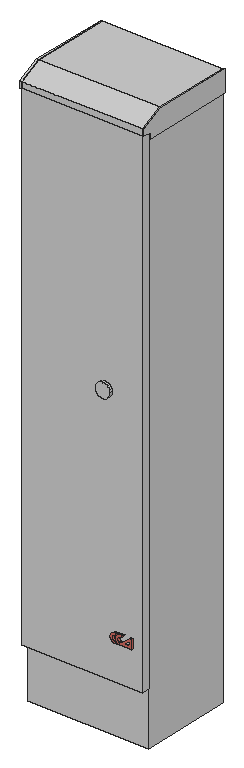
Revit family "Шкаф распределительный ШР-200-2М ССД", category Обобщенные модели, Revit 2019
Family settings
  Может служить основой для арматурных стержней = Нет
  Размер круглого соединителя = Использовать диаметр
  Тип детали = Нормальный
  На основе рабочей плоскости = Нет
  Всегда вертикально = Да
  При загрузке вырезать с полостями = Нет
  Общий = Нет
  Точка расчета площади = Нет
Parameters (values of type "ШР-200-2М")
  Толщина 5 = 5 mm  # constant formula
  Толщина 4 = 4 mm  # constant formula
  Толщина 25 = 25 mm  # constant formula
  Толщина -4 = -4 mm  # constant formula
  Смещение от уровня [instance] = 500 mm
  Описание = "Шкаф распределительный  ШР-200-2М ССД"
  Ноль = 0 mm  # constant formula
  Материал букв = Металл красный
  Материал Каркаса = Металл серый
  ADSK_Этаж [instance] = ""
  ADSK_Размер_Ширина = 340 mm
  ADSK_Размер_Глубина = 260 mm
  ADSK_Размер_Высота = 1592 mm
  ADSK_Примечание [instance] = ""
  ADSK_Предел огнестойкости = ""
  ADSK_Позиция [instance] = ""
  ADSK_Обозначение = ""
  ADSK_Наименование краткое = "ШР-200-2М"
  ADSK_Наименование = "Шкаф распределительный  ШР-200-2М ССД"
  ADSK_Масса_Текст = "50"
  ADSK_Марка [instance] = ""
  ADSK_Количество [instance] = 1  # constant formula
  ADSK_Код изделия = "120908-00183"
  ADSK_Зона = ""
  ADSK_Завод-изготовитель = "АО СВЯЗЬСТРОЙДЕТАЛЬ"  # constant formula
  ADSK_Единица измерения = "шт"  # constant formula
  ADSK_URL страницы изделия = "Шкаф распределительный ШР-200-2М ССД ( 120908-00183 ) (ssd.ru)"
  ADSK_URL документации изделия = "shr_decl_2017.pdf (ssd.ru)"
Reference planes
  plane 1 "тттт": y = 0
  plane 2: z = 0
  plane 3 "УУУУ": x = 0
  plane 4 "УК": y = -92
  plane 5: y = 70
  plane 6 "Е!": z = 500
  plane 7: z = 2092
  plane 8: z = 650
  plane 9: z = 2047
  plane 10: z = 2032
  plane 11 "Е-1": x = -170
  plane 12 "Е-2": x = 170
  plane 13 "П-2": y = 130
  plane 14 "П-1": y = -130
  plane 15: z = 2064
  plane 16: x = -143
  plane 17: x = 143
  plane 18: z = 750
  plane 19: z = 1999
  plane 20: x = 64.591
  plane 21: z = 1374.5
  plane 22: y = -152
Forms (mm)
  Extrusion 1, void, not visible, detail levels fine
    sketch origin (-20, 0, 0) x (1, 0, 0) y (0, 0, 1)
      loop
        arc (-281.999, 290) -> (-261.999, 270) -> (-241.999, 290) r 20
        line (-241.999, 290) -> (-241.999, 370)
        arc (-241.999, 370) -> (-261.999, 390) -> (-281.999, 370) r 20
        line (-281.999, 370) -> (-281.999, 290)
    from 90 to 190
  Extrusion 2, void, not visible
    sketch origin (-20, 0, 225) x (1, 0, 0) y (0, 0, 1)
      loop
        circle (-261.999, 215) r 6.5
    from 90 to 190
  Extrusion 3, void, not visible, detail levels fine
    sketch origin (20, 0, 0) x (-1, 0, 0) y (0, 0, -1)
      loop
        line (-281.999, -290) -> (-281.999, -370)
        arc (-281.999, -370) -> (-261.999, -390) -> (-241.999, -370) r 20
        line (-241.999, -370) -> (-241.999, -290)
        arc (-241.999, -290) -> (-261.999, -270) -> (-281.999, -290) r 20
    from 90 to 190
  Extrusion 4, void, not visible
    sketch origin (20, 0, 225) x (-1, 0, 0) y (0, 0, -1)
      loop
        circle (-261.999, -215) r 6.5
    from 90 to 190
  Extrusion 5, void, not visible
    sketch origin (0, 0, 220) x (0, 1, 0) y (0, 0, 1)
      loop
        circle (-102, 220) r 3.036
      loop
        circle (-172.959, 220) r 3.036
      loop
        circle (-122, 237) r 3.036
      loop
        circle (-157.959, 237) r 3.036
      loop
        circle (-121.964, 203) r 3.036
      loop
        circle (-158.036, 203) r 3.036
      loop
        arc (-162.48, 75) -> (-137.48, 50) -> (-112.48, 75) r 25
        line (-112.48, 75) -> (-112.48, 145)
        arc (-112.48, 145) -> (-137.48, 170) -> (-162.48, 145) r 25
        line (-162.48, 145) -> (-162.48, 75)
    from -312 to 312
  Extrusion 6, solid, material "Металл серый" <- "Материал Каркаса", detail levels medium+fine
    sketch origin (0, -130, 0) x (-1, 0, 0) y (0, 0, 1)
      loop
        line (-170, 2047) -> (-170, 500) -> (170, 500) -> (170, 2047) -> (-170, 2047)
      loop
        line (143, 2032) -> (-143, 2032) -> (-143, 650) -> (143, 650) -> (143, 2032)
    from 4 <- "Толщина 4" to 0
  Extrusion 7, solid, material "Металл серый" <- "Материал Каркаса", detail levels medium+fine
    sketch origin (0, 130, 0) x (-1, 0, 0) y (0, 0, 1)
      loop
        line (170, 2047) -> (-170, 2047) -> (-170, 500) -> (170, 500) -> (170, 2047)
    from 0 to -4 <- "Толщина -4"
  Extrusion 8, solid, material "Металл серый" <- "Материал Каркаса", detail levels medium+fine
    sketch origin (-170, 0, 0) x (0, 1, 0) y (0, 0, 1)
      loop
        line (130, 2047) -> (-130, 2047) -> (-130, 500) -> (130, 500) -> (130, 2047)
    from 0 to 4 <- "Толщина 4"
  Extrusion 9, solid, material "Металл серый" <- "Материал Каркаса", detail levels medium+fine
    sketch origin (170, 0, 0) x (0, 1, 0) y (0, 0, 1)
      loop
        line (130, 2047) -> (-130, 2047) -> (-130, 500) -> (130, 500) -> (130, 2047)
    from -4 <- "Толщина -4" to 0
  Extrusion 10, solid, material "Металл серый" <- "Материал Каркаса", detail levels medium+fine
    sketch origin (0, -130, 0) x (-1, 0, 0) y (0, 0, 1)
      loop
        circle (-64.591, 1374.5) r 20
    from -30 to 0
  Extrusion 11, solid, material "Металл серый" <- "Материал Каркаса", detail levels medium+fine
    sketch origin (0, 0, 500) x (-1, 0, 0) y (0, -1, 0)
      loop
        line (170, -130) -> (170, 130) -> (-170, 130) -> (-170, -130) -> (170, -130)
    from 0 to 4
  Extrusion 12, solid, material "Металл серый" <- "Материал Каркаса", detail levels medium+fine
    sketch origin (-170, 0, 0) x (0, 1, 0) y (0, 0, 1)
      loop
        line (130, 2092) -> (-92, 2092) -> (-152, 2064) -> (-152, 2047) -> (-130, 2047) -> (-130, 2032) -> (130, 2032) -> (130, 2092)
    from -4 <- "Толщина -4" to 0
  Extrusion 13, solid, material "Металл серый" <- "Материал Каркаса", detail levels medium+fine
    sketch origin (170, 0, 0) x (0, 1, 0) y (0, 0, 1)
      loop
        line (130, 2032) -> (130, 2092) -> (-92, 2092) -> (-152, 2064) -> (-152, 2047) -> (-130, 2047) -> (-130, 2032) -> (130, 2032)
    from 0 to 4 <- "Толщина 4"
  Extrusion 14, solid, material "Металл серый" <- "Материал Каркаса", detail levels medium+fine
    sketch origin (-170, 0, 0) x (0, 1, 0) y (0, 0, 1)
      loop
        line (-152, 2064) -> (-152, 2047) -> (-130, 2047) -> (-130, 2052) -> (-147, 2052) -> (-147, 2060.816) -> (-90.891, 2087) -> (125, 2087) -> (125, 2047) -> (130, 2047) -> (130, 2092) -> (-92, 2092) -> (-152, 2064)
    from 0 to 340
  Extrusion 15, solid, material "Металл серый" <- "Материал Каркаса", detail levels medium+fine
    sketch origin (0, -130, 0) x (-1, 0, 0) y (0, 0, 1)
      loop
        line (170, 650) -> (170, 2047) -> (-170, 2047) -> (-170, 650) -> (170, 650)
    from -22 to 0
  Extrusion 16, solid, material "Металл серый" <- "Материал Каркаса", detail levels coarse
    sketch origin (0, 0, 0) x (1, 0, 0) y (0, 1, 0)
      loop
        line (-170, 130) -> (-170, -130) -> (170, -130) -> (170, 130) -> (-170, 130)
    from 500 to 2092
Cuts and joins
  joined: Extrusion 6, Extrusion 7, Extrusion 8, Extrusion 9, Extrusion 11
  joined: Extrusion 10, Extrusion 15
Dimensions and locks
  "Смещение от уровня": plane 6 "Е!" to level
  locked: plane 8 to plane 6 "Е!" at 150
  locked: plane 7 to plane 9 at 45
  locked: plane 9 to plane 10 at 15
  "ADSK_Размер_Высота": plane 7 to plane 6 "Е!"
  equal spacing: plane 13 "П-2", plane 1 "тттт", plane 14 "П-1"
  equal spacing: plane 11 "Е-1", plane 3 "УУУУ", plane 12 "Е-2"
  "ADSK_Размер_Глубина": plane 13 "П-2" to plane 14 "П-1"
  "ADSK_Размер_Ширина": plane 11 "Е-1" to plane 12 "Е-2"
  locked: plane 13 "П-2" to plane 5 at 60
  locked: plane 15 to plane 9 at 17
  locked: plane 16 to plane 11 "Е-1" at 27
  locked: plane 12 "Е-2" to plane 17 at 27
  locked: plane 18 to plane 8 at 100
  locked: plane 10 to plane 19 at 33
  plane 17 to plane 20 = 78.409 mm
  equal spacing: plane 19, plane 21, plane 18
  locked: plane 14 "П-1" to plane 22 at 22
  locked: plane 4 "УК" to plane 22 at 60
  "Толщина 5": Extrusion 14 sketch curve to Extrusion 13
  "Толщина 5": Extrusion 13 to Extrusion 14 sketch curve  (x4)
  cut or joined group of Extrusion 10, Extrusion 15 to nested 2 = 170 mm
  aligned and locked: level to plane 2
  aligned and locked: plane 9 to Extrusion 6 sketch curve
  aligned and locked: Extrusion 6 sketch curve to plane 6 "Е!"
  aligned and locked: Extrusion 6 sketch curve to plane 11 "Е-1"
  aligned and locked: plane 12 "Е-2" to Extrusion 6 sketch curve
  aligned and locked: Extrusion 6 sketch curve to plane 8
  aligned and locked: plane 17 to Extrusion 6 sketch curve
  aligned and locked: Extrusion 6 sketch curve to plane 16
  aligned and locked: Extrusion 6 sketch curve to plane 10
  aligned and locked: Extrusion 6 to plane 14 "П-1"
  aligned and locked: plane 6 "Е!" to Extrusion 7 sketch curve
  aligned and locked: plane 11 "Е-1" to Extrusion 7 sketch curve
  aligned and locked: Extrusion 7 sketch curve to plane 12 "Е-2"
  aligned and locked: Extrusion 7 sketch curve to plane 9
  aligned and locked: plane 13 "П-2" to Extrusion 7
  aligned and locked: Extrusion 8 sketch curve to Extrusion 7  (x2)
  aligned and locked: Extrusion 8 sketch curve to Extrusion 6  (x2)
  aligned and locked: Extrusion 8 to plane 11 "Е-1"
  aligned and locked: Extrusion 9 sketch curve to cut or joined group of Extrusion 6, Extrusion 7, Extrusion 8, Extrusion 9, Extrusion 11  (x2)
  aligned and locked: cut or joined group of Extrusion 6, Extrusion 7, Extrusion 8, Extrusion 9, Extrusion 11 to Extrusion 9 sketch curve
  aligned and locked: Extrusion 9 sketch curve to plane 9
  aligned and locked: plane 12 "Е-2" to Extrusion 9
  aligned and locked: plane 14 "П-1" to Extrusion 10
  aligned and locked: Extrusion 11 sketch curve to cut or joined group of Extrusion 6, Extrusion 7, Extrusion 8, Extrusion 9, Extrusion 11  (x4)
  aligned and locked: Extrusion 12 sketch curve to plane 10
  aligned and locked: plane 13 "П-2" to Extrusion 12 sketch curve
  aligned and locked: Extrusion 12 sketch curve to plane 7
  aligned and locked: plane 4 "УК" to Extrusion 12 sketch curve
  aligned and locked: Extrusion 12 sketch curve to plane 22
  aligned and locked: Extrusion 12 sketch curve to plane 9
  aligned and locked: Extrusion 12 sketch curve to plane 14 "П-1"
  aligned and locked: plane 11 "Е-1" to Extrusion 12
  aligned and locked: Extrusion 13 sketch curve to plane 22
  aligned and locked: Extrusion 13 sketch curve to plane 7
  aligned and locked: plane 13 "П-2" to Extrusion 13 sketch curve
  aligned and locked: plane 10 to Extrusion 13 sketch curve
  aligned and locked: plane 15 to Extrusion 13 sketch curve
  aligned and locked: plane 4 "УК" to Extrusion 13 sketch curve
  aligned and locked: plane 22 to Extrusion 14 sketch curve
  aligned and locked: Extrusion 14 sketch curve to plane 9
  aligned and locked: plane 7 to Extrusion 14 sketch curve
  aligned and locked: plane 13 "П-2" to Extrusion 14 sketch curve
  aligned and locked: Extrusion 14 to plane 11 "Е-1"
  aligned and locked: plane 12 "Е-2" to Extrusion 14
  aligned and locked: plane 8 to Extrusion 15 sketch curve
  aligned and locked: plane 11 "Е-1" to Extrusion 15 sketch curve
  aligned and locked: Extrusion 15 sketch curve to cut or joined group of Extrusion 6, Extrusion 7, Extrusion 8, Extrusion 9, Extrusion 11  (x2)
  aligned and locked: plane 14 "П-1" to Extrusion 15
  aligned and locked: plane 18 to nested 1
  aligned and locked: nested 1 to plane 17
  aligned and locked: plane 22 to nested 1
  aligned and locked: Extrusion 16 sketch curve to cut or joined group of Extrusion 6, Extrusion 7, Extrusion 8, Extrusion 9, Extrusion 11  (x4)
  aligned and locked: plane 7 to Extrusion 16
  aligned and locked: Extrusion 16 to plane 6 "Е!"
  aligned and locked: nested 2 to plane 6 "Е!"
  aligned and locked: plane 7 to nested 2
  aligned and locked: plane 11 "Е-1" to nested 2
  aligned and locked: plane 12 "Е-2" to nested 2
Automatic sketch dimensions
  Extrusion 10 sketch curve to plane 20 = 0 mm
  Extrusion 10 sketch curve to plane 21 = 0 mm
  Extrusion 12 sketch curve to plane 15 = 0 mm
  Extrusion 13 sketch curve to plane 9 = 0 mm
  Extrusion 13 sketch curve to plane 14 "П-1" = 0 mm
  Extrusion 14 sketch curve to plane 14 "П-1" = 0 mm
  Extrusion 14 sketch curve to plane 4 "УК" = 0 mm
  Extrusion 14 sketch curve to plane 9 = 0 mm
  Extrusion 14 sketch curve to plane 15 = 0 mm
  radius of Extrusion 10 sketch curve = 20 mm
Nested families
  nested 1: "ССД" at (113.016, -152, 750), Материал <- "Материал букв", type "ССД", detail levels fine
    with Материал Металл красный
  nested 2: "ЭУ_Шкаф распределительный" at (0, 0, 500) x (1, 0, 0) z (0, -1, 0), ADSK_Размер_Высота <- "ADSK_Размер_Высота", ADSK_Размер_Ширина <- "ADSK_Размер_Ширина", type "ЭУ_Шкаф распределительный", detail levels coarse
    with ADSK_Размер_Ширина 340 mm, ADSK_Размер_Высота 1592 mm
Definition of nested family "ССД"
  Parameters (values of type "ССД")
    Материал [instance] = none
  Reference planes
    plane 1 "По центру (Вперед/Назад)": y = 0
    plane 2: z = 0
    plane 3 "По центру (Влево/Вправо)": x = 0
    plane 4: y = -5
    plane 5: z = 26
    plane 6: x = -29.984
    plane 7: x = 29.984
  Forms (mm)
    Extrusion 1, solid, material <- "Материал"
      sketch origin (-4.748, 0, -135.953) x (1, 0, 0) y (0, 0, 1)
        loop
          arc (-12.562, 161.735) -> (-25.455, 148.886) -> (-12.605, 135.993) r 12.871
          line (-12.605, 135.993) -> (-5.127, 135.993)
          arc (-5.127, 135.993) -> (-8.341, 138.928) -> (-10.997, 142.376) r 24.946
          line (-10.997, 142.376) -> (-12.584, 142.376)
          arc (-12.584, 142.376) -> (-19.072, 148.864) -> (-12.584, 155.352) r 6.488
          line (-12.584, 155.352) -> (-10.972, 155.352)
          arc (-10.972, 155.352) -> (-8.292, 158.804) -> (-5.051, 161.735) r 24.946
          line (-5.051, 161.735) -> (-12.562, 161.735)
        loop
          arc (3.387, 161.709) -> (-9.505, 148.859) -> (3.344, 135.967) r 12.871
          line (3.344, 135.967) -> (34.291, 135.915) -> (34.334, 161.666) -> (28.9, 161.666) -> (8.095, 144.25) -> (16.764, 144.25) -> (28.888, 154.399) -> (28.868, 142.307) -> (3.34, 142.35)
          arc (3.34, 142.35) -> (-3.122, 148.856) -> (3.377, 155.326) r 6.488
          line (3.377, 155.326) -> (4.978, 155.326)
          arc (4.978, 155.326) -> (7.657, 158.777) -> (10.898, 161.709) r 24.946
          line (10.898, 161.709) -> (3.387, 161.709)
      from 0 to 5
  Lines and regions (mm)
    symbolic lines
      curve 1: line (-29.984, 0, 0) -> (29.984, 0, 0)
      curve 2: line (-29.984, 0, 26) -> (29.984, 0, 26)
      curve 3: line (-29.984, 0, 0) -> (-29.984, 0, 26)
      curve 4: line (29.984, 0, 0) -> (-29.984, 0, 0)
      curve 5: line (29.984, 0, 26) -> (29.984, 0, 0)
  Dimensions and locks
    locked: plane 1 "По центру (Вперед/Назад)" to plane 4 at 5
    locked: plane 5 to plane 2 at 26
    equal spacing: plane 7, plane 3 "По центру (Влево/Вправо)", plane 6
    locked: plane 7 to plane 6 at 59.968
    aligned and locked: level to plane 2
    aligned and locked: plane 1 "По центру (Вперед/Назад)" to curve 1
    aligned and locked: Extrusion 1 to plane 4
    aligned and locked: Extrusion 1 to plane 1 "По центру (Вперед/Назад)"
    aligned and locked: curve 2 to plane 5
    aligned and locked: plane 6 to curve 3
    aligned and locked: plane 2 to curve 4
    aligned and locked: curve 5 to plane 7
  Automatic sketch dimensions
    curve 1 to plane 6 = 0 mm
    curve 1 to plane 7 = 0 mm
    Extrusion 1 sketch curve to Extrusion 1 sketch curve = 0 mm  (x6)
    Extrusion 1 sketch curve to plane 3 "По центру (Влево/Вправо)" = 17.331 mm
    Extrusion 1 sketch curve to Extrusion 1 sketch curve = 0.022 mm
    Extrusion 1 sketch curve to Extrusion 1 sketch curve = 1.587 mm
    Extrusion 1 sketch curve to Extrusion 1 sketch curve = 1.612 mm
    Extrusion 1 sketch curve to plane 3 "По центру (Влево/Вправо)" = 9.875 mm
    Extrusion 1 sketch curve to plane 3 "По центру (Влево/Вправо)" = 1.407 mm
    Extrusion 1 sketch curve to plane 3 "По центру (Влево/Вправо)" = 1.382 mm
    Extrusion 1 sketch curve to plane 3 "По центру (Влево/Вправо)" = 1.371 mm
    Extrusion 1 sketch curve to plane 3 "По центру (Влево/Вправо)" = 1.36 mm
    Extrusion 1 sketch curve to Extrusion 1 sketch curve = 1.601 mm
    Extrusion 1 sketch curve to Extrusion 1 sketch curve = 4.755 mm
    Extrusion 1 sketch curve to Extrusion 1 sketch curve = 1.902 mm
    Extrusion 1 sketch curve to Extrusion 1 sketch curve = 5.043 mm
    Extrusion 1 sketch curve to Extrusion 1 sketch curve = 0.878 mm
    Extrusion 1 sketch curve to Extrusion 1 sketch curve = 6.767 mm
    Extrusion 1 sketch curve to plane 7 = 8.785 mm
    Extrusion 1 sketch curve to plane 7 = 5.864 mm
    Extrusion 1 sketch curve to plane 7 = 5.844 mm
    Extrusion 1 sketch curve to plane 7 = 5.831 mm
    Extrusion 1 sketch curve to plane 7 = 0.44 mm
    Extrusion 1 sketch curve to plane 7 = 0.397 mm
    Extrusion 1 sketch curve to plane 5 = 26.038 mm
    Extrusion 1 sketch curve to Extrusion 1 sketch curve = 0.079 mm
    Extrusion 1 sketch curve to Extrusion 1 sketch curve = 5.898 mm
    Extrusion 1 sketch curve to Extrusion 1 sketch curve = 0.027 mm
    Extrusion 1 sketch curve to Extrusion 1 sketch curve = 0.494 mm
    Extrusion 1 sketch curve to Extrusion 1 sketch curve = 0.51 mm
    Extrusion 1 sketch curve to Extrusion 1 sketch curve = 6.383 mm
    Extrusion 1 sketch curve to Extrusion 1 sketch curve = 2.411 mm
    Extrusion 1 sketch curve to Extrusion 1 sketch curve = 6.488 mm  (x2)
    Extrusion 1 sketch curve to Extrusion 1 sketch curve = 12.092 mm
    Extrusion 1 sketch curve to Extrusion 1 sketch curve = 7.267 mm
    Extrusion 1 sketch curve to plane 3 "По центру (Влево/Вправо)" = 9.798 mm
    Extrusion 1 sketch curve to plane 3 "По центру (Влево/Вправо)" = 1.404 mm
Definition of nested family "ЭУ_Шкаф распределительный"
  Parameters (values of type "ЭУ_Шкаф распределительный")
    ADSK_Размер_Ширина [instance] = 640 mm
    ADSK_Размер_Высота [instance] = 1180 mm
  Reference planes
    plane 1 "По центру (Вперед/Назад)": y = 0
    plane 2: z = 0
    plane 3 "По центру (Влево/Вправо)": x = 0
    plane 4: x = -320
    plane 5: x = 320
    plane 6: y = 1180
    plane 7: y = 1087
    plane 8: x = -293
    plane 9: x = 293
    plane 10 "По центру (В/С": y = 250
    plane 11: x = 200
    plane 12: y = 668.5
  Lines and regions (mm)
    detail lines, in view "Опорный уровень"
      curve 1: line (-320, 1180, 0) -> (320, 1180, 0)
      curve 2: line (-320, 0, 0) -> (-320, 1180, 0)
      curve 3: line (320, 0, 0) -> (-320, 0, 0)
      curve 4: line (320, 1180, 0) -> (320, 0, 0)
      curve 5: line (-293, 1087, 0) -> (293, 1087, 0)
      curve 6: line (-293, 250, 0) -> (-293, 1087, 0)
      curve 7: line (293, 250, 0) -> (-293, 250, 0)
      curve 8: circle (200, 668.5, 0) r 20 normal (0, 0, 1)
      curve 9: line (293, 1087, 0) -> (293, 250, 0)
  Dimensions and locks
    equal spacing: plane 4, plane 3 "По центру (Влево/Вправо)", plane 5
    "ADSK_Размер_Ширина": plane 4 to plane 5
    "ADSK_Размер_Высота": plane 6 to plane 1 "По центру (Вперед/Назад)"
    locked: plane 9 to plane 5 at 27
    locked: plane 4 to plane 8 at 27
    equal spacing: plane 7, plane 12, plane 10 "По центру (В/С"
    locked: plane 10 "По центру (В/С" to plane 1 "По центру (Вперед/Назад)" at 250
    locked: plane 6 to plane 7 at 93
    locked: plane 11 to plane 5 at 120
    aligned and locked: curve 1 to plane 6
    aligned and locked: plane 4 to curve 2
    aligned and locked: curve 3 to plane 1 "По центру (Вперед/Назад)"
    aligned and locked: curve 4 to plane 5
    aligned and locked: curve 5 to plane 7
    aligned and locked: plane 8 to curve 6
    aligned and locked: plane 10 "По центру (В/С" to curve 7
    aligned and locked: plane 12 to curve 8
    aligned and locked: plane 11 to curve 8
    aligned and locked: curve 9 to plane 9
  Automatic sketch dimensions
    radius of curve 8 = 20 mm
